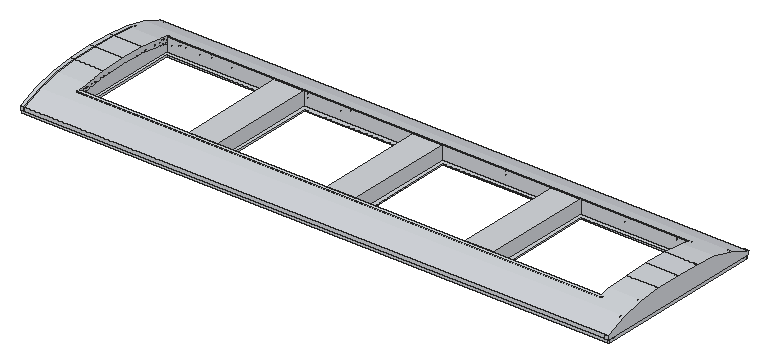
Revit family "Gira_0214761", category Electrical Fixtures, host Face, Revit 2017
Family settings
  Host = Face
  Maintain Annotation Orientation = No
  Round Connector Dimension = Use Diameter
  Part Type = Normal
  Cut with Voids When Loaded = No
  Shared = No
  Room Calculation Point = No
Parameters (values of type "Cov.fr. 4-g interm.fr. CW Gira Event Clear brown")
  With mounting grid = "No"
  With hinged lid = "No"
  URL = "http://katalog.gira.de/en/datenblatt.html?artikelnr=0214761"
  Type of fastening = "Clamp mounting"
  Transparent = "No"
  Surface protection = "Other"
  Surface finishing = "Glossy"
  Suitable for wall duct = "No"
  Suitable for flush-mounted installation = "No"
  Suitable for floor box = "No"
  Suitable for built-in installation = "No"
  Number of units vertical = "4"
  Number of units horizontal = "4"
  Number of units = "4"
  Name = "Cov.fr. 4-g interm.fr. CW Gira Event Clear brown"
  Mounting direction = "Horizontal and vertical"
  Material quality = "Thermoplastic"
  Material = "Plastic"
  Manufacturer URL = "https://www.gira.de/"
  Manufacturer = "Gira"
  Label space/information surface = "No"
  Keynote = ""
  HeinzeBIM = "https://bimportal.heinze.de/bim/cov-fr-4-g-interm-fr-cw-gira-event-clear-brown/d3ebb9ad203d2a564a4dce4cc2cdf7ef8e485d0e"
  Halogen free = "Yes"
  HAN = "0214761"
  GTIN = "4010337069324"
  Description = "Cov.fr.4g i.fr.CW EvCl BN,Gira Event Clear cover frame,brown with cream white glossy intermediate frame,4-gang,Features:,- Shatter-proof."
  Degree of protection (IP) = "IP20"
  Default Elevation = 1219.2 mm
  Data sheet (1) = "https://katalog.gira.de/en/download.html?artikelnr=0214761"
  Colour = "Brown"
  Category = "Cover frame for domestic switching devices"
  BIM (1) = "https://media.stage.bim.site/public/gira/36a6b08/Event_Rahmen_4fach.rfa"
  Available = "No"
Reference planes
  plane 1 "Center (Front/Back)": y = 0
  plane 2: z = 0
  plane 3 "Center (Left/Right)": x = 0
Forms (mm)
  Extrusion 1, solid, detail levels fine
    sketch origin (0, 0, 0.05) x (0, 1, 0) y (0, 0, 1)
      loop
        arc (12.445, 9.683) -> (6.223, 9.833) -> (0, 9.85) r 291.636
        arc (0, 9.85) -> (-6.223, 9.833) -> (-12.445, 9.683) r 291.636
        arc (-12.445, 9.683) -> (-29.14, 7.482) -> (-45, 1.823) r 79.728
        line (-45, 1.823) -> (-45, -0.05) -> (-42.086, -0.05)
        arc (-42.086, -0.05) -> (-21.385, 5.559) -> (0, 7.206) r 114.424
        arc (0, 7.206) -> (21.385, 5.559) -> (42.086, -0.05) r 114.424
        line (42.086, -0.05) -> (45, -0.05) -> (45, 1.823)
        arc (45, 1.823) -> (29.14, 7.482) -> (12.445, 9.683) r 79.728
    from -151.95 to 151.935
  Extrusion 2, void, detail levels fine
    sketch origin (0, 0, 0) x (1, 0, 0) y (0, 1, 0)
      loop
        line (134.95, 28.035) -> (-134.95, 28.035) -> (-134.95, -28.035) -> (134.95, -28.035) -> (134.95, 28.035)
    from 0.724 to 11
  Extrusion 3, solid, detail levels coarse
    sketch origin (0, 0, 0) x (1, 0, 0) y (0, 1, 0)
      loop
        line (-151.95, 45) -> (-151.95, -45) -> (151.935, -45) -> (151.935, 45) -> (-151.95, 45)
    from -1.5 to 9.9
  Extrusion 4, solid, detail levels medium
    sketch origin (0, 0, 0.05) x (0, 1, 0) y (0, 0, 1)
      loop
        arc (12.445, 9.683) -> (6.223, 9.833) -> (0, 9.85) r 291.636
        arc (0, 9.85) -> (-6.223, 9.833) -> (-12.445, 9.683) r 291.636
        arc (-12.445, 9.683) -> (-29.14, 7.482) -> (-45, 1.823) r 79.728
        line (-45, 1.823) -> (-45, -0.05) -> (45, -0.05) -> (45, 1.823)
        arc (45, 1.823) -> (29.14, 7.482) -> (12.445, 9.683) r 79.728
    from -151.95 to 151.935
  Extrusion 5, solid, detail levels fine
    sketch origin (-106.95, 0, -1.5) x (0, 1, 0) y (0, 0, -1)
      loop
        line (45, -3.373) -> (45, -1.5) -> (-45, -1.5) -> (-45, -3.373)
        arc (-45, -3.373) -> (-29.14, -9.032) -> (-12.445, -11.233) r 79.728
        arc (-12.445, -11.233) -> (-6.223, -11.383) -> (0, -11.4) r 291.636
        arc (0, -11.4) -> (6.223, -11.383) -> (12.445, -11.233) r 291.636
        arc (12.445, -11.233) -> (29.14, -9.032) -> (45, -3.373) r 79.728
    from 43 to 45
  Extrusion 6, solid, detail levels fine
    sketch origin (0, 0, 0) x (1, 0, 0) y (0, 1, 0)
      loop
        line (-132.85, 25.7) -> (-132.85, -25.7) -> (-81.05, -25.7) -> (-81.05, 25.7) -> (-132.85, 25.7)
      loop
        line (-9.755, -25.7) -> (-9.755, 25.7) -> (-61.555, 25.7) -> (-61.555, -25.7) -> (-9.755, -25.7)
      loop
        line (-135.845, 28.49) -> (-135.845, -28.495)
        spline (-135.845, -28.495) -> (-135.836, -28.625) -> (-135.811, -28.754) -> (-135.769, -28.878) -> (-135.711, -28.995) -> (-135.638, -29.104) -> (-135.552, -29.202) -> (-135.454, -29.288) -> (-135.345, -29.361) -> (-135.228, -29.419) -> (-135.104, -29.461) -> (-134.975, -29.486) -> (-134.845, -29.495)
        line (-134.845, -29.495) -> (134.845, -29.495)
        spline (134.845, -29.495) -> (134.975, -29.486) -> (135.104, -29.461) -> (135.228, -29.419) -> (135.345, -29.361) -> (135.454, -29.288) -> (135.552, -29.202) -> (135.638, -29.104) -> (135.711, -28.995) -> (135.769, -28.878) -> (135.811, -28.754) -> (135.836, -28.625) -> (135.845, -28.495)
        line (135.845, -28.495) -> (135.845, 28.49)
        spline (135.845, 28.49) -> (135.836, 28.62) -> (135.811, 28.748) -> (135.769, 28.872) -> (135.711, 28.99) -> (135.638, 29.098) -> (135.552, 29.197) -> (135.454, 29.283) -> (135.345, 29.356) -> (135.228, 29.413) -> (135.104, 29.456) -> (134.975, 29.481) -> (134.845, 29.49)
        line (134.845, 29.49) -> (-134.845, 29.49)
        spline (-134.845, 29.49) -> (-134.975, 29.481) -> (-135.104, 29.456) -> (-135.228, 29.413) -> (-135.345, 29.356) -> (-135.454, 29.283) -> (-135.552, 29.197) -> (-135.638, 29.098) -> (-135.711, 28.99) -> (-135.769, 28.872) -> (-135.811, 28.748) -> (-135.836, 28.62) -> (-135.845, 28.49)
      loop
        line (61.545, -25.7) -> (61.545, 25.7) -> (9.745, 25.7) -> (9.745, -25.7) -> (61.545, -25.7)
      loop
        line (132.85, -25.7) -> (132.85, 25.7) -> (81.05, 25.7) -> (81.05, -25.7) -> (132.85, -25.7)
    from 0.1 to 7.3
  Extrusion 7, solid
    sketch origin (0, 0, 0) x (1, 0, 0) y (0, 1, 0)
      loop
        arc (-151.65, -44.218) -> (-151.504, -44.572) -> (-151.15, -44.718) r 0.5
        line (-151.15, -44.718) -> (151.15, -44.718)
        arc (151.15, -44.718) -> (151.504, -44.572) -> (151.65, -44.218) r 0.5
        line (151.65, -44.218) -> (151.65, 44.182)
        arc (151.65, 44.182) -> (151.504, 44.535) -> (151.15, 44.682) r 0.5
        line (151.15, 44.682) -> (-151.15, 44.682)
        arc (-151.15, 44.682) -> (-151.504, 44.535) -> (-151.65, 44.182) r 0.5
        line (-151.65, 44.182) -> (-151.65, -44.218)
      loop
        line (-149.95, 42.982) -> (-149.95, -43.018) -> (149.95, -43.018) -> (149.95, 42.982) -> (-149.95, 42.982)
    from -1.5 to 0.5
  Extrusion 8, solid, detail levels fine
    sketch origin (106.935, 0, -1.5) x (0, 1, 0) y (0, 0, 1)
      loop
        arc (45, 3.373) -> (29.14, 9.032) -> (12.445, 11.233) r 79.728
        arc (12.445, 11.233) -> (6.223, 11.383) -> (0, 11.4) r 291.636
        arc (0, 11.4) -> (-6.223, 11.383) -> (-12.445, 11.233) r 291.636
        arc (-12.445, 11.233) -> (-29.14, 9.032) -> (-45, 3.373) r 79.728
        line (-45, 3.373) -> (-45, 1.5) -> (45, 1.5) -> (45, 3.373)
    from 43 to 45
  Extrusion 9, solid, detail levels medium
    sketch origin (0, 0, 0) x (1, 0, 0) y (0, 1, 0)
      loop
        line (-151.65, -44.718) -> (151.65, -44.718) -> (151.65, 44.682) -> (-151.65, 44.682) -> (-151.65, -44.718)
    from -1.5 to 0.5
  Extrusion 10, solid, detail levels fine
    sketch origin (-69.857, 0, 0) x (1, 0, 0) y (0, 1, 0)
      loop
        line (-8.943, 28.063) -> (-8.943, -27.937) -> (6.057, -27.937) -> (6.057, 28.063) -> (-8.943, 28.063)
    from 0.724 to 7.566
  Extrusion 11, solid, detail levels fine
    sketch origin (-1.443, 0, 0) x (-1, 0, 0) y (0, -1, 0)
      loop
        line (-8.943, -28.063) -> (6.057, -28.063) -> (6.057, 27.937) -> (-8.943, 27.937) -> (-8.943, -28.063)
    from 0.724 to 7.566
  Extrusion 12, solid, detail levels fine
    sketch origin (69.857, 0, 0) x (-1, 0, 0) y (0, -1, 0)
      loop
        line (-8.943, -28.063) -> (6.057, -28.063) -> (6.057, 27.937) -> (-8.943, 27.937) -> (-8.943, -28.063)
    from 0.724 to 7.566
Cuts and joins
  Extrusion 2 cuts Extrusion 1
  Extrusion 2 cuts Extrusion 6
Dimensions and locks
  aligned and locked: plane 2 to host face
  aligned and locked: level to host face
